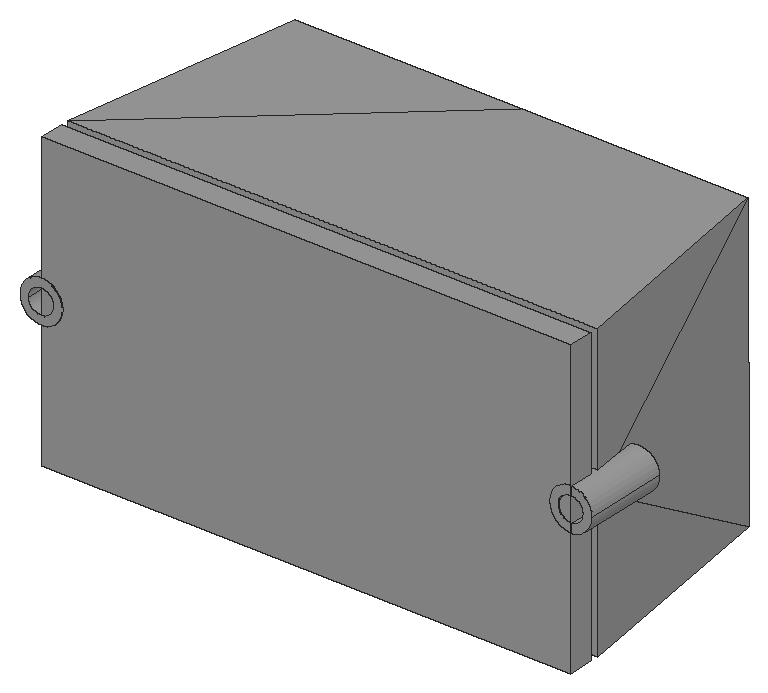
Revit family "22360_HOST_WALL", category Lighting Fixtures, host Wall, Revit 2015
Parameters (values of type "Wall Luminaires - Directed")
  Wattage = 4.49031 W
  built-in parameter 1150110 = 1 (stored number, unit not read)
  URL = "www.bega-us.com"
  built-in parameter 1114217 = 1 (stored number, unit not read)
  Tilt Angle = 90.00°
  built-in parameter 1150109 = 1 (stored number, unit not read)
  built-in parameter 1150134 = (empty or 0)
  Telephone = "805.684.0533"
  built-in parameter 1150113 = 1 (stored number, unit not read)
  Photometric Web File = "22360.IES"
  Model = "22 360"
  Manufacturer = "BEGA-US"
  Lumens = 667 lm
  built-in parameter 1150115 = 1 (stored number, unit not read)
  built-in parameter 1150105 = 53.078 (stored number, unit not read)
  built-in parameter 1150137 = (empty or 0)
  built-in parameter 1150139 = (empty or 0)
  built-in parameter 1150112 = 1 (stored number, unit not read)
  built-in parameter 1150114 = 1 (stored number, unit not read)
  Lamp = "21.0W LED"
  built-in parameter 1150132 = 2
  built-in parameter 1150102 = (empty or 0)
  built-in parameter 1150138 = (empty or 0)
  built-in parameter 1150107 = 3000 (stored number, unit not read)
  built-in parameter 1150106 = 0.53078 (stored number, unit not read)
  built-in parameter 1150104 = 13.8 (stored number, unit not read)
  Dimming Lamp Color Temperature Shift = <None>
  Description = "Surface wall - one or two sided light output"
  Color Filter = 16777215
  built-in parameter 1114218 = 1 (stored number, unit not read)
  built-in parameter 1150133 = 10 (stored number, unit not read)
Reference planes (in)
  plane 1: y = 0
  plane 2 "Light Source Axis (F/B)": y = 5.5625
  plane 3 "Light Source Axis (L/R)": x = -1.43133
  plane 4 "Light Source Elevation": z = 74.92225
Text (in)
  text "Placement Side" at (0, 40.15149, 123.01588), in view "Right"
  text "Placement Side" at (-70.3804, 28.46503, 0), in view "Ref. Level"
  text "Placement Side" at (0, 85.69064, 140.59947), in view "Left"
Dimensions and locks (in)
  aligned: level to host wall
  aligned and locked: plane 3 "Light Source Axis (L/R)" to imposter light
  aligned and locked: plane 2 "Light Source Axis (F/B)" to imposter light
  aligned and locked: plane 4 "Light Source Elevation" to imposter light
Nested families (in)
  nested 1: "2396" at (-1.43133, 3, 77.42225) x (-1, 0, 0) z (0, 0, 1), type "2396"
Connectors (in)
  electrical at (-1.43133, 3, 77.42225)
    settings: on nested 1, index 1, voltage 0 V, apparent load 0 VA, apparent load phase1 0 VA, apparent load phase2 0 VA, apparent load phase3 0 VA, power factor 1, load classification "Other", number of poles 1, system type 31, power factor state 1, is connector primary yes, connector utility no, sub classification motor no, connector description ""
Definition of nested family "2396"
  Reference planes (in)
    plane 1 "Center (Front/Back)": y = 0
    plane 2: z = 0
    plane 3 "Center (Left/Right)": x = 0
  Forms (in)
    Blend 1, solid
      base sketch origin (0, 0, 0) x (1, 0, 0) y (0, 0, 1)
        loop
          line (-3.9375, 2.1875) -> (-3.9375, 0) -> (-3.9375, -2.1875) -> (3.9375, -2.1875) -> (3.9375, 0) -> (3.9375, 2.1875) -> (-3.9375, 2.1875)
      top sketch origin (0, 0, 0) x (1, 0, 0) y (0, 0, 1)
        loop
          line (0, 2.1875) -> (-3.375, 2.1875) -> (-3.375, -2.1875) -> (3.375, -2.1875) -> (3.375, 2.1875) -> (0, 2.1875)
      from 0.5 to 4
    Extrusion 2, solid
      sketch origin (0, 0, 0) x (1, 0, 0) y (0, 0, 1)
        loop
          line (-3.9375, 2.1875) -> (-3.9375, -2.1875) -> (3.9375, -2.1875) -> (3.9375, 2.1875) -> (-3.9375, 2.1875)
      from 0 to 0.375
    Extrusion 3, solid
      sketch origin (0, 0, 0) x (1, 0, 0) y (0, 0, 1)
        loop
          line (-3.8125, 0) -> (-3.8125, -2.0625) -> (0, -2.0625) -> (3.8125, -2.0625) -> (3.8125, 0) -> (3.8125, 2.0625) -> (0, 2.0625) -> (-3.8125, 2.0625) -> (-3.8125, 0)
      from 0.5 to 0.375
    Extrusion 4, void
      sketch origin (0, 0, 0) x (0, 1, 0) y (0, 0, 1)
        loop
          line (-3.5625, -1.9375) -> (-3.8125, -2.1875) -> (-0.8125, -2.1875) -> (-1.5625, -1.9375) -> (-1.5625, 1.8125) -> (-3.5625, 1.8125) -> (-3.5625, -1.9375)
      from -3.25 to 3.25
    Extrusion 5, solid
      sketch origin (0, 0, -1.9375) x (1, 0, 0) y (0, 1, 0)
        loop
          line (-3.25, -1.5625) -> (-3.25, -3.5625) -> (3.25, -3.5625) -> (3.25, -1.5625) -> (-3.25, -1.5625)
      from 0 to 0.25
    Extrusion 6, solid
      sketch origin (0, 0, 0) x (1, 0, 0) y (0, 0, 1)
        loop
          circle (-3.9375, 0) r 0.3125
        loop
          circle (3.9375, 0) r 0.3125
      from 0 to 1.25
    Extrusion 7, void
      sketch origin (0, 0, 0) x (1, 0, 0) y (0, 0, 1)
        loop
          circle (3.9375, 0) r 0.1875
        loop
          circle (-3.9375, 0) r 0.1875
      from 0 to 1.25
  Cuts and joins
    Extrusion 4, Extrusion 7 cuts Blend 1
    Extrusion 7 cuts Extrusion 6
  Dimensions and locks (in)
    aligned and locked: plane 2 to level
